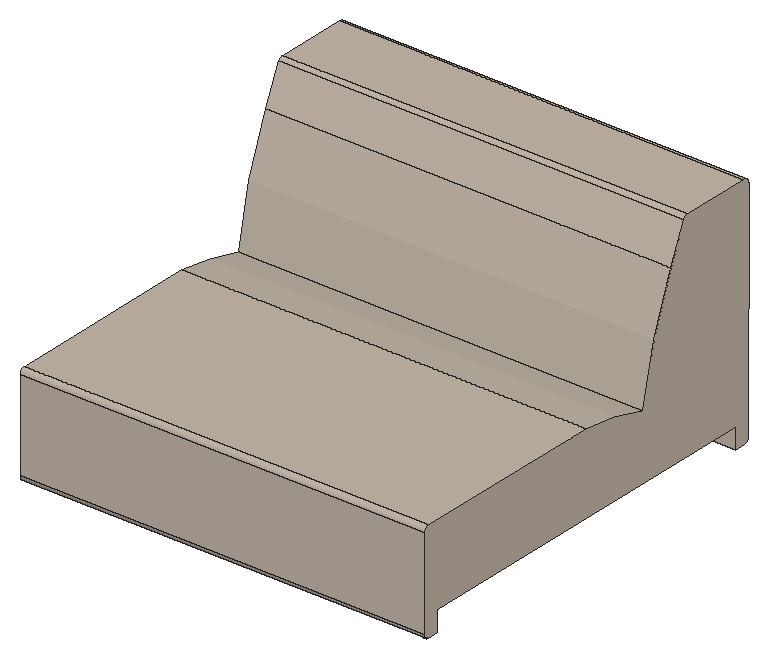
Revit family "FU_Modular_Sandler_Escala_ESC0200TA", category Furniture, Revit 2020
Family settings
  OmniClass Number = 23.40.20.00
  OmniClass Title = General Furniture and Specialties
  Work Plane-Based = No
  Always vertical = Yes
  Cut with Voids When Loaded = No
  Shared = No
  Room Calculation Point = No
Parameters (values of type "Escalas 0200TA")
  Width = 800 mm  # constant formula
  Upholstery [instance] = Fabric - Gravity - Wheat CPC21
  URL = "https://www.sandlerseating.com/product/esc0200ta/"
  Seat Height = 420 mm  # constant formula
  Seat Elevation = 220 mm  # constant formula
  Model = "Escalas 0200TA"
  Manufacturer = "Sandler"
  Height = 690 mm  # constant formula
  Description = "Upholstered 80cm central seat with backrest.\r\n\r\n47cm x 80cm x 80cm (measurements without base)"
  Depth = 800 mm  # constant formula
  Default Elevation = 0 mm
Reference planes
  plane 1 "Center (Front/Back)": y = 0
  plane 2: z = 0
  plane 3 "Center (Left/Right)": x = 0
  plane 4 "Right": x = -400
  plane 5 "Left": x = 400
  plane 6 "Front": y = -400
  plane 7 "Back": y = 400
  plane 8 "Elevation": z = 220
  plane 9 "Height": z = 690
  plane 10 "Seat height": z = 420
Forms (mm)
  Sweep 1, solid, material "Fabric - Gravity - Wheat CPC21" <- "Upholstery"
    path origin (0, 0, 220) x (-1, 0, 0) y (0, -1, 0)
      loop
        line (400, -400) -> (-400, -400)
    profile "Pro_Escalas_Seat_Shape : Pro_Escalas_Seat_Shape" origin (0, 400, 220) x (0, 1, 0) y (0, 0, 1)
      loop
        line (-790, 0) -> (-10, 0)
        arc (-10, 0) -> (-2.929, 2.929) -> (0, 10) r 10
        line (0, 10) -> (0, 460)
        arc (0, 460) -> (-2.929, 467.071) -> (-10, 470) r 10
        line (-10, 470) -> (-150.689, 470)
        arc (-150.689, 470) -> (-156.062, 468.434) -> (-159.752, 464.226) r 10
        line (-159.752, 464.226) -> (-192.518, 393.96)
        arc (-192.518, 393.96) -> (-234.317, 284.408) -> (-260, 170) r 816.842
        arc (-260, 170) -> (-329.19, 188.78) -> (-400, 200) r 664.836
        line (-400, 200) -> (-790, 200)
        arc (-790, 200) -> (-797.071, 197.071) -> (-800, 190) r 10
        line (-800, 190) -> (-800, 10)
        arc (-800, 10) -> (-797.071, 2.929) -> (-790, 0) r 10
  Extrusion 2, void
    sketch origin (0, 0, 0) x (0, 1, 0) y (0, 0, 1)
      loop
        line (-370, 220) -> (370, 220) -> (370, 261) -> (-370, 261) -> (-370, 220)
    from -405 to 405
Cuts and joins
  Extrusion 2 cuts Sweep 1
Dimensions and locks
  equal spacing: plane 4 "Right", plane 3 "Center (Left/Right)", plane 5 "Left"
  "Width": plane 4 "Right" to plane 5 "Left"
  equal spacing: plane 7 "Back", plane 1 "Center (Front/Back)", plane 6 "Front"
  "Depth": plane 7 "Back" to plane 6 "Front"
  "Height": plane 9 "Height" to level
  "Seat Height": plane 10 "Seat height" to level
  "Seat Elevation": plane 8 "Elevation" to level
  aligned and locked: level to plane 2
Automatic sketch dimensions
  Sweep 1 sketch curve to plane 5 "Left" = 0 mm
  Sweep 1 sketch curve to plane 4 "Right" = 0 mm
  Sweep 1 sketch curve to plane 7 "Back" = 0 mm
  Extrusion 2 sketch curve to plane 8 "Elevation" = 0 mm
  plane 6 "Front" to Extrusion 2 sketch curve = 30 mm
  Extrusion 2 sketch curve to plane 7 "Back" = 30 mm
  plane 8 "Elevation" to Extrusion 2 sketch curve = 41 mm
